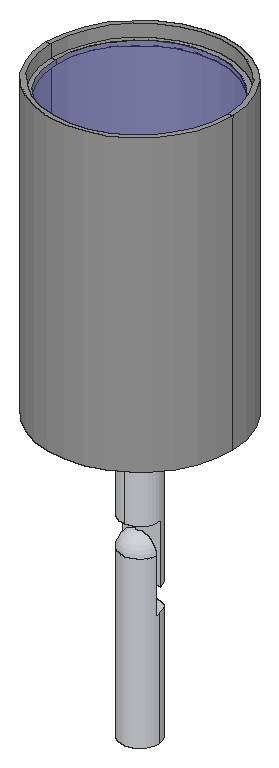
Revit family "Alcon-9170-Revit-Family", category Generic Models, host Face, Revit 2025
Family settings
  Host = Face
  Can host rebar = No
  Round Connector Dimension = Use Diameter
  Part Type = Normal
  Cut with Voids When Loaded = No
  Maintain Annotation Orientation = No
  Shared = No
  Room Calculation Point = No
Parameters
  URL = "https://www.alconlighting.com/"
  Product Page = "https://www.alconlighting.com/9170.html"
  Model = "9170"
  Manufacturer = "Alcon Lighting"
  Fixture Rotation = -90.00°
  Default Elevation = 4' - 0"
  Body = none
Reference planes (in)
  plane 1 "Center (Front/Back)": y = 0
  plane 2: z = 0
  plane 3 "Center (Left/Right)": x = 0
Forms (in)
  Revolve 1, solid, material <- "Body"
    sketch origin (0, 0, 0) x (1, 0, 0) y (0, 0, 1)
      loop
        line (0, 0) -> (0.25, 0) -> (0.25, 2.26168)
        arc (0.25, 2.26168) -> (0.17602, 2.43428) -> (0, 2.49971) r 0.23832
        line (0, 2.49971) -> (0, 0)
      axis (0, 0) -> (0, 2.49971)
    angle from 0 to 360
  Extrusion 2, void
    sketch origin (0, 0, 0) x (0, 1, 0) y (0, 0, 1)
      loop
        line (-0.03618, 2.56764) -> (-0.03618, 1.55042) -> (0.32738, 1.55042) -> (0.32738, 2.56764) -> (-0.03618, 2.56764)
    from -0.31203 to 0.34448
Cuts and joins
  Extrusion 2 cuts Revolve 1
Lines and regions (in)
  reference lines
    curve 1: line (9.25, 0, 2.12097) -> (-7, 0, 2.12097)
Dimensions and locks (in)
  "Fixture Rotation": angle nested 1 to curve 1
  aligned and locked: plane 2 to host face
  aligned and locked: level to host face
Automatic sketch dimensions
  host sketch curve to host sketch curve = 8' - 0"  (x2)
  level to curve 1 = 0' - 2.12097"
  curve 1 to plane 3 "Center (Left/Right)" = 0' - 7"
  plane 3 "Center (Left/Right)" to curve 1 = 0' - 9 1/4"
  Revolve 1 sketch curve to level = 0' - 0"
  Revolve 1 sketch curve to plane 3 "Center (Left/Right)" = 0' - 0"  (x2)
  plane 3 "Center (Left/Right)" to Revolve 1 sketch curve = 0' - 0.01168"
  plane 3 "Center (Left/Right)" to Revolve 1 sketch curve = 0' - 0 1/4"
  level to Revolve 1 sketch curve = 0' - 2.26168"
  Revolve 1 sketch curve to Revolve 1 sketch curve = 0' - 0.487"
  Revolve 1 sketch curve to Revolve 1 sketch curve = 0' - 0 1/2"
  plane 1 "Center (Front/Back)" to Extrusion 2 sketch curve = 0' - 0.03618"
  Extrusion 2 sketch curve to plane 1 "Center (Front/Back)" = 0' - 0.32738"
  level to Extrusion 2 sketch curve = 0' - 1.55042"
  Extrusion 2 sketch curve to Extrusion 2 sketch curve = 0' - 1.01722"
Nested families (in)
  nested 1: "Alcon-9170-S-Housing-Revit-Family" at (0, 0, 2.12097) x (0, 0, -1) z (0, -1, 0), type "Alcon-9170-S-Housing-Revit-Family"
    with built-in parameter 1001306 0.1875 (stored number, unit not read)
Definition of nested family "Alcon-9170-S-Housing-Revit-Family"
  Parameters (values of type "Alcon-9170-S-Housing-Revit-Family")
    Wattage = 9.2903 W
    built-in parameter 1150110 = 1 (stored number, unit not read)
    built-in parameter 1114217 = 1 (stored number, unit not read)
    Tilt Angle = 0.00°
    built-in parameter 1150109 = 1 (stored number, unit not read)
    built-in parameter 1150134 = 3
    built-in parameter 1150113 = 1 (stored number, unit not read)
    built-in parameter 1010507 = 1.5708 (stored number, unit not read)
    built-in parameter 1010506 = 0.5236 (stored number, unit not read)
    built-in parameter 1150105 = 4614.1 (stored number, unit not read)
    Lumens = 1380 lm
    built-in parameter 1150115 = 1 (stored number, unit not read)
    Light Source Symbol Length = 10' - 0"
    built-in parameter 1150137 = (empty or 0)
    built-in parameter 1150139 = (empty or 0)
    Lens = none
    built-in parameter 1001306 [instance] = 4' - 0"
    built-in parameter 1150112 = 1 (stored number, unit not read)
    built-in parameter 1150114 = 1 (stored number, unit not read)
    built-in parameter 1150132 = (empty or 0)
    built-in parameter 1150102 = (empty or 0)
    built-in parameter 1150107 = 3200 (stored number, unit not read)
    built-in parameter 1150138 = (empty or 0)
    built-in parameter 1150106 = 46.141 (stored number, unit not read)
    Housing = none
    built-in parameter 1150104 = 13.8 (stored number, unit not read)
    Dimming Lamp Color Temperature Shift = (empty or 0)
    Default Elevation = 0' - 0"
    Color Filter = 16777215
    built-in parameter 1114218 = 1 (stored number, unit not read)
    built-in parameter 1150133 = 10 (stored number, unit not read)
  Reference planes (in)
    plane 1 "Center (Front/Back)": y = 0
    plane 2: z = 0
    plane 3 "Left": x = 0
    plane 4 "Right": x = 48
  Forms (in)
    Revolve 1, solid, material <- "Housing"
      sketch origin (-6.74627, 0, 0) x (1, 0, 0) y (0, 1, 0)
        loop
          line (4.9375, 0) -> (5, 0) -> (5, 1.25) -> (1, 1.25) -> (1, 1.1875) -> (1.16706, 1.1875) -> (1.16706, 1.125) -> (1.22956, 1.125) -> (1.22956, 1.1875) -> (4.9375, 1.1875) -> (4.9375, 0)
        axis (1, 0) -> (5, 0)
      angle from 0 to 360
    Extrusion 2, solid, material <- "Lens"
      sketch origin (-5.5792, 0, 0) x (0, 1, 0) y (0, 0, -1)
        loop
          circle (0, 0) r 1.125
      from 0 to -0.0625
    Revolve 3, solid
      sketch origin (-6.74627, 0, 0) x (1, 0, 0) y (0, 0, 1)
        loop
          line (5, 0) -> (7, 0) -> (7, 0.25) -> (5, 0.25) -> (5, 0)
        axis (5, 0) -> (7, 0)
      angle from 0 to 360
    Extrusion 4, void
      sketch origin (-6.74627, 0, 0) x (1, 0, 0) y (0, 0, 1)
        loop
          line (6.21071, -0.03618) -> (7.05246, -0.03618) -> (7.05246, 0.26972) -> (6.21071, 0.26972) -> (6.21071, -0.03618)
      from -0.49956 to 0.5
  Cuts and joins
    Extrusion 4 cuts Revolve 3
  Lines and regions (in)
    reference lines
      curve 1: line (0, 0, 0) -> (48, 0, 0)
    model lines
      curve 2: line (0, 0, 0) -> (-27.5, 0, 0)
  Dimensions and locks (in)
    "built-in parameter 1001306": plane 3 "Left" to plane 4 "Right"
    aligned and locked: plane 4 "Right" to curve 1
    aligned and locked: plane 1 "Center (Front/Back)" to curve 1
    aligned and locked: plane 3 "Left" to curve 1
    aligned and locked: level to plane 2
    aligned and locked: imposter light to Extrusion 2
  Automatic sketch dimensions
    Extrusion 4 sketch curve to level = 0' - 0.03618"
    level to Extrusion 4 sketch curve = 0' - 0.26972"
    Extrusion 4 sketch curve to plane 3 "Left" = 0' - 0.53555"
    Extrusion 4 sketch curve to Extrusion 4 sketch curve = 0' - 0.84175"
    plane 1 "Center (Front/Back)" to curve 2 = 0' - 0"
    curve 2 to plane 3 "Left" = 0' - 0"
    curve 2 to curve 2 = 2' - 3 1/2"
    Revolve 3 sketch curve to level = 0' - 0"  (x2)
    Revolve 3 sketch curve to plane 3 "Left" = 0' - 1.74627"
    Revolve 3 sketch curve to Revolve 3 sketch curve = 0' - 0 1/4"  (x2)
    Revolve 3 sketch curve to Revolve 3 sketch curve = 0' - 0.34205"
    plane 3 "Left" to Revolve 3 sketch curve = 0' - 0.25373"
    plane 1 "Center (Front/Back)" to Revolve 1 sketch curve = 0' - 0"  (x2)
    Revolve 1 sketch curve to plane 1 "Center (Front/Back)" = 0' - 1 3/16"
    Revolve 1 sketch curve to plane 3 "Left" = 0' - 5.74627"
    Revolve 1 sketch curve to plane 1 "Center (Front/Back)" = 0' - 1 1/8"
    Revolve 1 sketch curve to Revolve 1 sketch curve = 0' - 0.16706"
    Revolve 1 sketch curve to Revolve 1 sketch curve = 0' - 0 1/16"  (x3)
    Revolve 1 sketch curve to plane 3 "Left" = 0' - 1.80877"
    Revolve 1 sketch curve to Revolve 1 sketch curve = 0' - 1 3/16"
    Revolve 1 sketch curve to Revolve 1 sketch curve = 0' - 0.68502"
    Revolve 1 sketch curve to Revolve 1 sketch curve = 0' - 2.12252"
    radius of Extrusion 2 sketch curve to Revolve 1 = 0' - 0"
